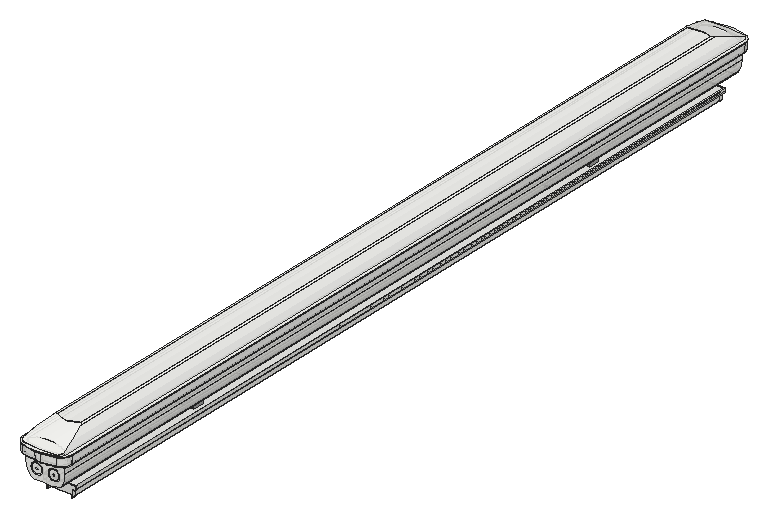
Revit family "Zumtobel TECTON 2 continuous row element AMPHIBIA", category Lighting Fixtures, host Face, Revit 2023
Family settings
  Host = Face
  Round Connector Dimension = Use Diameter
  Part Type = Normal
  Cut with Voids When Loaded = No
  Light Source = Yes
  Maintain Annotation Orientation = No
  Shared = No
  Room Calculation Point = Yes
Parameters (values of type "AMP L 4600-840 PC WB EVG TEC2")
  Wattage = 27.963 W
  built-in parameter 1150110 = 1 (stored number, unit not read)
  URL = "https://www.zumtobel.com/42956260"
  Type Image = ZS_AMP_F_AMPHIBIA_TECTON-II_WH.jpg
  Type IFC Predefined Type = "DIRECTIONSOURCE"
  Type Housing S = Zumtobel-Parts-AMPHIBIA-Housing : S-1100
  Type Housing L = Zumtobel-Parts-AMPHIBIA-Housing : L-1600
  Type Housing = if(Housing S, Type Housing S, if(Housing L, Type Housing L, Type Housing S))  # Zumtobel-Parts-AMPHIBIA-Housing : L-1600
  Type Adapter = Zumtobel-Parts-TECTON 2-Adapter : White
  built-in parameter 1114217 = 1 (stored number, unit not read)
  Tilt Angle = -90.00°  # constant formula
  built-in parameter 1150109 = 1 (stored number, unit not read)
  built-in parameter 1150134 = 12
  built-in parameter 1150113 = 1 (stored number, unit not read)
  Power Factor = 0.93
  Photometric Web File = "42956260_(STD_LEO).IES"
  Model = "42956260"
  Manufacturer = "Zumtobel Lighting"  # constant formula
  built-in parameter 1150105 = 360.49 (stored number, unit not read)
  Lumens = 4530 lm
  Luminaire Width = 92 mm  # constant formula
  Luminaire Length = if(Housing S, 1100 mm, if(Housing L, 1600 mm, 1100 mm))  # 1600 mm
  Luminaire Height = 105.81 mm  # constant formula
  built-in parameter 1150115 = 1 (stored number, unit not read)
  Lighting Trunking System Mark [instance] = ""
  built-in parameter 1150137 = (empty or 0)
  built-in parameter 1150139 = (empty or 0)
  built-in parameter 1150112 = 1 (stored number, unit not read)
  built-in parameter 1150114 = 1 (stored number, unit not read)
  Lamp = "LED"  # constant formula
  Include in Schedule [instance] = yes
  Housing L = yes
  Housing S = no
  built-in parameter 1150132 = 2
  built-in parameter 1150102 = (empty or 0)
  built-in parameter 1150107 = 4000 (stored number, unit not read)
  built-in parameter 1150138 = (empty or 0)
  built-in parameter 1150106 = 3.6049 (stored number, unit not read)
  Export Type to IFC As = "IfcLightFixtureType"
  Emit from Rectangle Width = Luminaire Length  # 1600 mm
  Emit from Rectangle Length = 92 mm  # constant formula
  Emit Shape Visible in Rendering = 0 > 1  # no
  built-in parameter 1150104 = 15.05 (stored number, unit not read)
  Dimming Lamp Color Temperature Shift = <None>
  Description = "Moisture-resistant luminaires"  # constant formula
  Default Elevation = 0 mm  # constant formula
  Color Filter = 16777215
  built-in parameter 1114218 = 1 (stored number, unit not read)
  built-in parameter 1150133 = 10 (stored number, unit not read)
  Assembly Code = "Pr_70_70_48_47"
  Apparent Load = Wattage / Power Factor  # 30.0677 VA
  A = Luminaire Length - 100 mm  # 1500 mm
Types (10, lengths in mm): name | Wattage | URL | Type Housing | Power Factor | Photometric Web File | Model | built-in parameter 1150105 | Lumens | Luminaire Length | Housing L | Housing S | built-in parameter 1150106 | Emit from Rectangle Width | built-in parameter 1150104 | Apparent Load | A
  AMP L 4600-840 PC WB EVG TEC2 | 27.963 W | "https://www.zumtobel.com/42956260" | Zumtobel-Parts-AMPHIBIA-Housing : L-1600 | 0.93 | "42956260_(STD_LEO).IES" | "42956260" | 360.49 (stored number, unit not read) | 4530 lm | 1600 | yes | no | 3.6049 (stored number, unit not read) | 1600 | 15.05 (stored number, unit not read) | 30.0677 VA | 1500
  AMP L 4600-840 PC WB LDO TEC2 | 28.6709 W | "https://www.zumtobel.com/42956244" | Zumtobel-Parts-AMPHIBIA-Housing : L-1600 | 0.94 | "42956244_(STD_LEO).IES" | "42956244" | 360.49 (stored number, unit not read) | 4530 lm | 1600 | yes | no | 3.6049 (stored number, unit not read) | 1600 | 14.679 (stored number, unit not read) | 30.5009 VA | 1500
  AMP L 6400-840 PC WB EVG TEC2 | 39.8726 W | "https://www.zumtobel.com/42956251" | Zumtobel-Parts-AMPHIBIA-Housing : L-1600 | 0.96 | "42956251_(STD_LEO).IES" | "42956251" | 498.15 (stored number, unit not read) | 6260 lm | 1600 | yes | no | 4.9815 (stored number, unit not read) | 1600 | 14.586 (stored number, unit not read) | 41.534 VA | 1500
  AMP L 6400-840 PC WB LDO TEC2 | 40.3871 W | "https://www.zumtobel.com/42956227" | Zumtobel-Parts-AMPHIBIA-Housing : L-1600 | 0.96 | "42956227_(STD_LEO).IES" | "42956227" | 498.15 (stored number, unit not read) | 6260 lm | 1600 | yes | no | 4.9815 (stored number, unit not read) | 1600 | 14.4 (stored number, unit not read) | 42.0699 VA | 1500
  AMP L 8000-840 PC WB LDO TEC2 | 53.6242 W | "https://www.zumtobel.com/42956243" | Zumtobel-Parts-AMPHIBIA-Housing : L-1600 | 0.98 | "42956243_(STD_LEO).IES" | "42956243" | 635.82 (stored number, unit not read) | 7990 lm | 1600 | yes | no | 6.3582 (stored number, unit not read) | 1600 | 13.843 (stored number, unit not read) | 54.7185 VA | 1500
  AMP L BAS 4600-840 PC WB EVG TEC2 | 27.8395 W | "https://www.zumtobel.com/42956249" | Zumtobel-Parts-AMPHIBIA-Housing : L-1600 | 0.93 | "42956249_(STD_LEO).IES" | "42956249" | 358.89 (stored number, unit not read) | 4510 lm | 1600 | yes | no | 3.5889 (stored number, unit not read) | 1600 | 15.05 (stored number, unit not read) | 29.935 VA | 1500
  AMP L BAS 4600-840 PC WB LDO TEC2 | 28.5443 W | "https://www.zumtobel.com/42956248" | Zumtobel-Parts-AMPHIBIA-Housing : L-1600 | 0.94 | "42956248_(STD_LEO).IES" | "42956248" | 358.89 (stored number, unit not read) | 4510 lm | 1600 | yes | no | 3.5889 (stored number, unit not read) | 1600 | 14.679 (stored number, unit not read) | 30.3663 VA | 1500
  AMP L BAS 6400-840 PC WB LDO TEC2 | 40.4545 W | "https://www.zumtobel.com/42956246" | Zumtobel-Parts-AMPHIBIA-Housing : L-1600 | 0.97 | "42956246_(STD_LEO).IES" | "42956246" | 495.77 (stored number, unit not read) | 6230 lm | 1600 | yes | no | 4.9577 (stored number, unit not read) | 1600 | 14.307 (stored number, unit not read) | 41.7057 VA | 1500
  AMP L LT 10000-840 PC WB IVG TEC2 | 67.8523 W | "https://www.zumtobel.com/42956250" | Zumtobel-Parts-AMPHIBIA-Housing : L-1600 | 0.97 | "42956250_(STD_LEO).IES" | "42956250" | 804.53 (stored number, unit not read) | 10110 lm | 1600 | yes | no | 8.0453 (stored number, unit not read) | 1600 | 13.843 (stored number, unit not read) | 69.9509 VA | 1500
  AMP S 4600-840 PC WB LDO TEC2 | 31.4765 W | "https://www.zumtobel.com/42956247" | Zumtobel-Parts-AMPHIBIA-Housing : S-1100 | 0.95 | "42956247_(STD_LEO).IES" | "42956247" | 373.22 (stored number, unit not read) | 4690 lm | 1100 | no | yes | 3.7322 (stored number, unit not read) | 1100 | 13.843 (stored number, unit not read) | 33.1332 VA | 1000
Reference planes
  plane 1 "Center (Front/Back)": y = 0
  plane 2: z = 0
  plane 3 "Center (Left/Right)": x = 0
  plane 4: x = -46
  plane 5: x = 46
  plane 6: y = 800
  plane 7: y = -800
  plane 8: z = 105.81
  plane 9: z = 13.808
Lines and regions (mm)
  Filled region 1, type "White"
    outline origin (0, 0, 0) x (1, 0, 0) y (0, 1, 0)
      loop
        line (-46, 754) -> (-46, -754)
        arc (-46, -754) -> (0, -800) -> (46, -754) r 46
        line (46, -754) -> (46, 754)
        arc (46, 754) -> (0, 800) -> (-46, 754) r 46
  model lines, style "InvisibleLines"
    curve 1: line (-250, 800, 0) -> (250, 800, 0)
    curve 2: line (-250, -800, 0) -> (250, -800, 0)
Dimensions and locks
  equal spacing: plane 4, plane 3 "Center (Left/Right)", plane 5
  "Luminaire Width": plane 4 to plane 5
  equal spacing: plane 7, plane 1 "Center (Front/Back)", plane 6
  "Luminaire Length": plane 7 to plane 6
  "Luminaire Height": plane 8 to level
  aligned and locked: plane 2 to host face
  aligned and locked: level to host face
  aligned and locked: plane 8 to imposter light
  aligned and locked: plane 9 to nested 2
  aligned and locked: plane 9 to nested 1
  aligned and locked: plane 1 "Center (Front/Back)" to nested 1
  aligned and locked: plane 3 "Center (Left/Right)" to nested 1
  aligned and locked: plane 7 to curve 2
  aligned and locked: curve 1 to plane 6
  aligned and locked: Filled region 1 sketch curve to plane 5
  aligned and locked: Filled region 1 sketch curve to plane 4
Automatic sketch dimensions
  host sketch curve to host sketch curve = 2438.4 mm  (x2)
  curve 2 to plane 4 = 204 mm
  curve 1 to plane 4 = 204 mm
  curve 2 to plane 5 = 204 mm
  curve 1 to plane 5 = 204 mm
  Filled region 1 sketch curve to plane 7 = 46 mm
  Filled region 1 sketch curve to plane 6 = 46 mm
Nested families
  nested 1: "Zumtobel-Parts-AMPHIBIA-Housing" at (0, 0, 15.808) x (0, -1, 0) z (0, 0, -1), type <- "Type Housing", type "L-1600"
  nested 2: "Zumtobel-Parts-TECTON 2-Adapter" at (0, 0, 0) x (0, -1, 0) z (0, 0, -1), type <- "Type Adapter", A <- "A", type "White"
    with A 1500 mm
Connectors
  electrical at (0, 0, 0), driven by "Apparent Load", driven by "Power Factor"
    settings: index 1, voltage 220 V, apparent load 30.0677 VA, apparent load phase1 0 VA, apparent load phase2 0 VA, apparent load phase3 0 VA, power factor 0.93, load classification "Lighting", number of poles 1, system type 30, power factor state 1, is connector primary yes, connector utility no, sub classification motor no, connector description ""
Definition of nested family "Zumtobel-Parts-AMPHIBIA-Housing"
  Parameters (values of type "S-1100")
    Material Housing = none
    Material Cover = none
    Manufacturer = "Zumtobel Lighting"  # constant formula
    E = 713 mm
    Default Elevation = 0 mm  # constant formula
    D = 906 mm
    B = 92 mm  # constant formula
    A = 1100 mm
  Types (2, lengths in mm): name | E | D | A
    S-1100 | 713 | 906 | 1100
    L-1600 | 707 | 1120 | 1600
  Reference planes
    plane 1 "Center (Front/Back)": y = 0
    plane 2: z = 0
    plane 3 "Center (Left/Right)": x = 0
    plane 4: z = -90
    plane 5: z = -16
    plane 6: z = -28
    plane 7: x = -540
    plane 8: x = 540
    plane 9 "Left": x = -550
    plane 10 "Right": x = 550
    plane 11 "1": z = -43.484
    plane 12 "2": z = -46.899
    plane 13: y = 46
    plane 14: y = -46
    plane 15: x = -453
    plane 16: x = 453
    plane 17: x = -356.5
    plane 18: x = 356.5
    plane 19: x = -526.824
    plane 20: x = 526.824
    plane 21: x = -526.824
    plane 22: x = 526.824
    plane 23 "Left Fixing": x = -404.75
    plane 24 "Right Fixing": x = 404.75
    plane 25: x = -525.804
    plane 26: y = 26
    plane 27: y = -26
    plane 28: x = 525.804
  Forms (mm)
    Extrusion 1, solid, material <- "Material Housing"
      sketch origin (0, 0, 0) x (0, 1, 0) y (0, 0, 1)
        loop
          line (10.809, -4) -> (0, -4) -> (-10.809, -4)
          arc (-10.809, -4) -> (-15.687, -4.175) -> (-20.54, -4.7) r 68.038
          arc (-20.54, -4.7) -> (-26.999, -7.385) -> (-31.374, -12.843) r 14.109
          arc (-31.374, -12.843) -> (-34.683, -22.639) -> (-35.99, -32.897) r 52.044
          line (-35.99, -32.897) -> (-36.917, -43.484)
          arc (-36.917, -43.484) -> (-37.433, -45.345) -> (-38.582, -46.899) r 5.301
          line (-38.582, -46.899) -> (0, -46.899) -> (38.582, -46.899)
          arc (38.582, -46.899) -> (37.433, -45.345) -> (36.917, -43.484) r 5.301
          line (36.917, -43.484) -> (35.99, -32.897)
          arc (35.99, -32.897) -> (34.683, -22.639) -> (31.374, -12.843) r 52.044
          arc (31.374, -12.843) -> (26.999, -7.385) -> (20.54, -4.7) r 14.109
          arc (20.54, -4.7) -> (15.687, -4.175) -> (10.809, -4) r 68.038
      from -540 to 540
    Extrusion 2, void
      sketch origin (0, 0, 0) x (1, 0, 0) y (0, 0, 1)
        loop
          line (-550, -46.899) -> (-550, -95) -> (-475.507, -95) -> (-475.507, -90.488)
          arc (-475.507, -90.488) -> (-513.208, -83.596) -> (-547.303, -66.09) r 131.044
          line (-547.303, -66.09) -> (-547.303, -46.899) -> (-550, -46.899)
        loop
          line (550, -46.899) -> (547.303, -46.899) -> (547.303, -66.09)
          arc (547.303, -66.09) -> (513.208, -83.596) -> (475.507, -90.488) r 131.044
          line (475.507, -90.488) -> (475.507, -95) -> (550, -95) -> (550, -46.899)
      from -57.816 to 57.735
    Extrusion 3, void
      sketch origin (0, 0, 0) x (1, 0, 0) y (0, 0, 1)
        loop
          line (-532.907, -43.484) -> (-530.629, 0) -> (-550, 0) -> (-550, -46.899) -> (-535.575, -46.899)
          arc (-535.575, -46.899) -> (-533.784, -45.549) -> (-532.907, -43.484) r 4.333
      from -62.368 to 64.177
    Extrusion 4, void
      sketch origin (0, 0, 0) x (-1, 0, 0) y (0, 0, -1)
        loop
          arc (-532.907, 43.484) -> (-533.784, 45.549) -> (-535.575, 46.899) r 4.333
          line (-535.575, 46.899) -> (-550, 46.899) -> (-550, 0) -> (-530.629, 0) -> (-532.907, 43.484)
      from -62.368 to 64.177
    Extrusion 5, solid, material <- "Material Cover"
      sketch origin (0, 0, 0) x (1, 0, 0) y (0, 1, 0)
        loop
          arc (-546.872, 0.018) -> (-545.963, -15.603) -> (-543.093, -30.984) r 123.879
          arc (-543.093, -30.984) -> (-536.6, -39.263) -> (-526.717, -42.871) r 19.181
          line (-526.717, -42.871) -> (526.717, -42.871)
          arc (526.717, -42.871) -> (536.6, -39.263) -> (543.093, -30.984) r 19.181
          arc (543.093, -30.984) -> (545.963, -15.603) -> (546.872, 0.018) r 123.879
          arc (546.872, 0.018) -> (545.828, 16.062) -> (542.716, 31.836) r 123.879
          arc (542.716, 31.836) -> (536.21, 39.533) -> (526.7, 42.871) r 19.188
          line (526.7, 42.871) -> (-526.7, 42.871)
          arc (-526.7, 42.871) -> (-536.21, 39.533) -> (-542.716, 31.836) r 19.188
          arc (-542.716, 31.836) -> (-545.828, 16.062) -> (-546.872, 0.018) r 123.879
      from -92.844 to -66.399
    Extrusion 6, void
      sketch origin (0, 0, 0) x (0, 1, 0) y (0, 0, 1)
        loop
          arc (26.441, -88.277) -> (24.277, -89.685) -> (21.71, -89.951) r 5.503
          arc (21.71, -89.951) -> (-0.003, -88.499) -> (-21.716, -89.952) r 163.058
          arc (-21.716, -89.952) -> (-24.28, -89.684) -> (-26.441, -88.277) r 5.503
          arc (-26.441, -88.277) -> (-34.277, -78.037) -> (-39.827, -66.399) r 62.028
          line (-39.827, -66.399) -> (-46, -66.399) -> (-46, -95.625) -> (46, -95.625) -> (46, -66.399) -> (39.827, -66.399)
          arc (39.827, -66.399) -> (34.277, -78.037) -> (26.441, -88.277) r 62.028
      from -550 to 550
    Extrusion 7, solid, material <- "Material Housing"
      sketch origin (0, 0, 0) x (0, 1, 0) y (0, 0, 1)
        loop
          arc (20.54, -4.7) -> (21.589, -4.892) -> (22.62, -5.163) r 14.109
          line (22.62, -5.163) -> (20.991, -3) -> (19.237, -3) -> (19.237, -2) -> (20.237, -2) -> (18.73, 0) -> (14.73, 0) -> (11.711, -4.006)
          arc (11.711, -4.006) -> (16.137, -4.209) -> (20.54, -4.7) r 68.038
        loop
          arc (-20.54, -4.7) -> (-16.137, -4.209) -> (-11.711, -4.006) r 68.038
          line (-11.711, -4.006) -> (-14.73, 0) -> (-18.73, 0) -> (-20.237, -2) -> (-19.237, -2) -> (-19.237, -3) -> (-20.991, -3) -> (-22.62, -5.163)
          arc (-22.62, -5.163) -> (-21.589, -4.892) -> (-20.54, -4.7) r 14.109
      from -453 to -356.5
    Extrusion 8, solid, material <- "Material Housing"
      sketch origin (809.5, 0, 0) x (0, 1, 0) y (0, 0, 1)
        loop
          arc (20.54, -4.7) -> (21.589, -4.892) -> (22.62, -5.163) r 14.109
          line (22.62, -5.163) -> (20.991, -3) -> (19.237, -3) -> (19.237, -2) -> (20.237, -2) -> (18.73, 0) -> (14.73, 0) -> (11.711, -4.006)
          arc (11.711, -4.006) -> (16.137, -4.209) -> (20.54, -4.7) r 68.038
        loop
          arc (-20.54, -4.7) -> (-16.137, -4.209) -> (-11.711, -4.006) r 68.038
          line (-11.711, -4.006) -> (-14.73, 0) -> (-18.73, 0) -> (-20.237, -2) -> (-19.237, -2) -> (-19.237, -3) -> (-20.991, -3) -> (-22.62, -5.163)
          arc (-22.62, -5.163) -> (-21.589, -4.892) -> (-20.54, -4.7) r 14.109
      from -453 to -356.5
    Sweep 9, solid, material <- "Material Housing"
      path origin (-641.907, 0, -46.899) x (-1, 0, 0) y (0, -1, 0)
        loop
          arc (-115.082, -46) -> (-103.408, -41.746) -> (-95.818, -31.909) r 22.317
          arc (-95.818, -31.909) -> (-92.89, -18.606) -> (-91.907, -5.02) r 94.382
          line (-91.907, -5.02) -> (-91.907, 5.02)
          arc (-91.907, 5.02) -> (-92.892, 18.62) -> (-95.826, 31.935) r 94.382
          arc (-95.826, 31.935) -> (-103.417, 41.756) -> (-115.082, 46) r 22.31
          line (-115.082, 46) -> (-1168.731, 46)
          arc (-1168.731, 46) -> (-1180.396, 41.756) -> (-1187.988, 31.935) r 22.31
          arc (-1187.988, 31.935) -> (-1190.922, 18.62) -> (-1191.907, 5.02) r 94.382
          line (-1191.907, 5.02) -> (-1191.907, -5.02)
          arc (-1191.907, -5.02) -> (-1190.924, -18.606) -> (-1187.996, -31.909) r 94.382
          arc (-1187.996, -31.909) -> (-1180.406, -41.746) -> (-1168.731, -46) r 22.317
          line (-1168.731, -46) -> (-115.082, -46)
      profile origin (0, 46, -46.899) x (0, 1, 0) y (0, 0, 1)
        loop
          line (-3.849, 0) -> (-20, 0) -> (-20, -4.375) -> (-4.091, -4.375) -> (-3.129, -16.5) -> (-10, -16.5) -> (-10, -18) -> (0, -18) -> (-1.206, -2.814)
          arc (-1.206, -2.814) -> (-2.034, -0.943) -> (-3.849, 0) r 3.089
    Sweep 10, solid, material <- "Material Cover"
      path origin (-641.907, 0, -46.899) x (-1, 0, 0) y (0, -1, 0)
        loop
          arc (-115.082, -46) -> (-103.408, -41.746) -> (-95.818, -31.909) r 22.317
          arc (-95.818, -31.909) -> (-92.89, -18.606) -> (-91.907, -5.02) r 94.382
          line (-91.907, -5.02) -> (-91.907, 5.02)
          arc (-91.907, 5.02) -> (-92.892, 18.62) -> (-95.826, 31.935) r 94.382
          arc (-95.826, 31.935) -> (-103.417, 41.756) -> (-115.082, 46) r 22.31
          line (-115.082, 46) -> (-1168.731, 46)
          arc (-1168.731, 46) -> (-1180.396, 41.756) -> (-1187.988, 31.935) r 22.31
          arc (-1187.988, 31.935) -> (-1190.922, 18.62) -> (-1191.907, 5.02) r 94.382
          line (-1191.907, 5.02) -> (-1191.907, -5.02)
          arc (-1191.907, -5.02) -> (-1190.924, -18.606) -> (-1187.996, -31.909) r 94.382
          arc (-1187.996, -31.909) -> (-1180.406, -41.746) -> (-1168.731, -46) r 22.317
          line (-1168.731, -46) -> (-115.082, -46)
      profile origin (0, 46, -46.899) x (0, 1, 0) y (0, 0, 1)
        loop
          line (0, -19.5) -> (0, -18) -> (-10, -18) -> (-10, -19.5) -> (0, -19.5)
    Extrusion 11, void
      sketch origin (550, 0, 0) x (0, 0, 1) y (0, 1, 0)
        loop
          circle (-24.566, 15.727) r 11
        loop
          circle (-24.566, 15.727) r 9
        loop
          circle (-24.566, 15.727) r 2
        loop
          circle (-24.566, -15.727) r 11
        loop
          circle (-24.566, -15.727) r 9
        loop
          circle (-24.566, -15.727) r 2
      from 17 to 19
    Extrusion 12, void
      sketch origin (-550, 0, 0) x (0, 0, 1) y (0, -1, 0)
        loop
          circle (-24.566, -15.727) r 11
        loop
          circle (-24.566, -15.727) r 9
        loop
          circle (-24.566, -15.727) r 2
        loop
          circle (-24.566, 15.727) r 11
        loop
          circle (-24.566, 15.727) r 9
        loop
          circle (-24.566, 15.727) r 2
      from 17 to 19
    Extrusion 13, solid, detail levels fine
      sketch origin (-404.75, 0, 0) x (0, -1, 0) y (0, 0, 1)
        loop
          line (-19.237, -2) -> (-20.518, -2) -> (-20.518, 1) -> (0, 1) -> (20.518, 1) -> (20.518, -2) -> (19.237, -2) -> (19.237, -3) -> (21.518, -3) -> (21.518, 2) -> (0, 2) -> (-21.518, 2) -> (-21.518, -3) -> (-19.237, -3) -> (-19.237, -2)
      from -10 to 10
    Extrusion 14, solid, detail levels fine
      sketch origin (404.75, 0, 0) x (0, -1, 0) y (0, 0, -1)
        loop
          line (-19.237, 2) -> (-19.237, 3) -> (-21.518, 3) -> (-21.518, -2) -> (0, -2) -> (21.518, -2) -> (21.518, 3) -> (19.237, 3) -> (19.237, 2) -> (20.518, 2) -> (20.518, -1) -> (0, -1) -> (-20.518, -1) -> (-20.518, 2) -> (-19.237, 2)
      from -10 to 10
    Extrusion 15, solid, detail levels coarse+medium
      sketch origin (0, 0, 0) x (1, 0, 0) y (0, 1, 0)
        loop
          line (-453, 22.62) -> (-453, -22.62) -> (453, -22.62) -> (453, 22.62) -> (-453, 22.62)
      from 2 to -3
    Extrusion 16, solid
      sketch origin (0, 0, 0) x (0, 1, 0) y (0, 0, 1)
        loop
          line (36, -56.274) -> (-36, -56.274) -> (-36, -66.399)
          arc (-36, -66.399) -> (0, -75.139) -> (36, -66.399) r 78.508
          line (36, -66.399) -> (36, -56.274)
      from -525.804 to 525.804
    Extrusion 17, solid
      sketch origin (0, 0, 0) x (0, 1, 0) y (0, 0, 1)
        loop
          line (26, -51.274) -> (26, -43.484) -> (-26, -43.484) -> (-26, -51.274) -> (-36, -51.274) -> (-36, -56.274) -> (36, -56.274) -> (36, -51.274) -> (26, -51.274)
      from -525.804 to 525.804
  Cuts and joins
    Extrusion 3, Extrusion 4, Extrusion 11, Extrusion 12 cuts Extrusion 1
    Extrusion 2, Extrusion 6 cuts Extrusion 5
  Dimensions and locks
    locked: level to plane 4 at 90
    locked: level to plane 5 at 16
    locked: plane 5 to plane 6 at 12
    level to plane 11 "1" = 43.484 mm
    "A": plane 9 "Left" to plane 10 "Right"
    equal spacing: plane 9 "Left", plane 3 "Center (Left/Right)", plane 10 "Right"
    equal spacing: plane 14, plane 1 "Center (Front/Back)", plane 13
    "B": plane 14 to plane 13
    locked: plane 7 to plane 9 "Left" at 10
    locked: plane 8 to plane 10 "Right" at 10
    plane 10 "Right" to plane 9 "Left" = 1100 mm
    equal spacing: plane 15, plane 3 "Center (Left/Right)", plane 16
    "D": plane 15 to plane 16
    equal spacing: plane 17, plane 3 "Center (Left/Right)", plane 18
    "E": plane 17 to plane 18
    locked: Extrusion 2 sketch curve to plane 9 "Left" at 74.493
    locked: Extrusion 2 sketch curve to plane 10 "Right" at 74.493
    locked: plane 9 "Left" to plane 19 at 23.176
    locked: plane 20 to plane 10 "Right" at 23.176
    locked: plane 22 to plane 10 "Right" at 23.176
    locked: plane 9 "Left" to plane 21 at 23.176
    equal spacing: plane 15, plane 23 "Left Fixing", plane 17
    equal spacing: plane 16, plane 24 "Right Fixing", plane 18
    locked: plane 9 "Left" to plane 25 at 24.196
    locked: plane 10 "Right" to plane 28 at 24.196
    aligned and locked: level to plane 2
    aligned and locked: plane 7 to Extrusion 1
    aligned and locked: plane 8 to Extrusion 1
    aligned and locked: Extrusion 3 sketch curve to plane 9 "Left"
    aligned and locked: Extrusion 2 sketch curve to plane 9 "Left"
    aligned and locked: plane 10 "Right" to Extrusion 4 sketch curve
    aligned and locked: Extrusion 6 to plane 10 "Right"
    aligned and locked: plane 12 "2" to Extrusion 2 sketch curve
    aligned and locked: Extrusion 6 to plane 9 "Left"
    aligned and locked: plane 15 to Extrusion 7
    aligned and locked: Extrusion 7 to plane 17
    aligned and locked: Extrusion 8 to plane 18
    aligned and locked: plane 16 to Extrusion 8
    aligned and locked: plane 10 "Right" to Extrusion 2 sketch curve
    aligned and locked: Sweep 9 sketch curve to plane 9 "Left"
    aligned and locked: plane 19 to Sweep 9 sketch curve  (x2)
    aligned and locked: Sweep 9 sketch curve to Sweep 9 sketch curve
    aligned and locked: plane 20 to Sweep 9 sketch curve
    aligned and locked: plane 21 to Sweep 10 sketch curve  (x2)
    aligned and locked: Sweep 10 sketch curve to Sweep 10 sketch curve
    aligned and locked: plane 22 to Sweep 10 sketch curve
    aligned and locked: Sweep 10 sketch curve to plane 9 "Left"
    aligned and locked: plane 10 "Right" to Sweep 10 sketch curve
    aligned and locked: Extrusion 15 sketch curve to plane 15
    aligned and locked: Extrusion 15 sketch curve to plane 16
    aligned and locked: Extrusion 16 to plane 28
    aligned and locked: Extrusion 16 to plane 25
    aligned and locked: Extrusion 17 to plane 28
    aligned and locked: Extrusion 17 to plane 25
  Automatic sketch dimensions
    Extrusion 7 sketch curve to level = 0 mm  (x2)
    Extrusion 7 sketch curve to level = 5.163 mm  (x2)
    Extrusion 7 sketch curve to level = 3 mm  (x2)
    Extrusion 7 sketch curve to Extrusion 7 sketch curve = 1.63 mm  (x2)
    Extrusion 7 sketch curve to level = 2 mm
    Extrusion 7 sketch curve to Extrusion 7 sketch curve = 0.754 mm  (x2)
    Extrusion 7 sketch curve to Extrusion 7 sketch curve = 1 mm  (x3)
    Extrusion 7 sketch curve to Extrusion 7 sketch curve = 0.507 mm  (x2)
    Extrusion 7 sketch curve to plane 5 = 2.663 mm  (x2)
    Extrusion 7 sketch curve to Extrusion 7 sketch curve = 4.098 mm  (x2)
    Extrusion 7 sketch curve to Extrusion 7 sketch curve = 4 mm  (x2)
    Extrusion 7 sketch curve to level = 4.006 mm  (x2)
    plane 1 "Center (Front/Back)" to Extrusion 7 sketch curve = 10.809 mm
    Extrusion 7 sketch curve to plane 1 "Center (Front/Back)" = 10.809 mm
    plane 4 to Extrusion 7 sketch curve = 17.962 mm
    Extrusion 8 sketch curve to level = 0 mm  (x2)
    Extrusion 8 sketch curve to level = 5.163 mm  (x2)
    Extrusion 8 sketch curve to Extrusion 8 sketch curve = 1.63 mm  (x2)
    Extrusion 8 sketch curve to Extrusion 8 sketch curve = 0.754 mm  (x2)
    Extrusion 8 sketch curve to Extrusion 8 sketch curve = 1 mm  (x4)
    Extrusion 8 sketch curve to Extrusion 8 sketch curve = 0.507 mm  (x2)
    Extrusion 8 sketch curve to plane 5 = 2.663 mm  (x2)
    Extrusion 8 sketch curve to Extrusion 8 sketch curve = 4.098 mm  (x2)
    Extrusion 8 sketch curve to Extrusion 8 sketch curve = 4 mm  (x2)
    plane 1 "Center (Front/Back)" to Extrusion 8 sketch curve = 10.809 mm
    Extrusion 8 sketch curve to plane 1 "Center (Front/Back)" = 10.809 mm
    Extrusion 8 sketch curve to level = 2 mm
    plane 4 to Extrusion 8 sketch curve = 17.962 mm
    Extrusion 8 sketch curve to Extrusion 8 sketch curve = 1.7 mm  (x2)
    Extrusion 11 sketch curve to Extrusion 11 sketch curve = 0 mm  (x12)
    Extrusion 11 sketch curve to plane 6 = 3.434 mm  (x2)
    plane 1 "Center (Front/Back)" to Extrusion 11 sketch curve = 15.727 mm
    Extrusion 11 sketch curve to plane 1 "Center (Front/Back)" = 15.727 mm
    Extrusion 12 sketch curve to Extrusion 12 sketch curve = 0 mm  (x12)
    plane 6 to Extrusion 12 sketch curve = 3.434 mm  (x2)
    Extrusion 12 sketch curve to plane 1 "Center (Front/Back)" = 15.727 mm
    plane 1 "Center (Front/Back)" to Extrusion 12 sketch curve = 15.727 mm
    Extrusion 7 sketch curve to Extrusion 7 sketch curve = 3.019 mm  (x2)
    Extrusion 7 sketch curve to plane 1 "Center (Front/Back)" = 11.711 mm
    Extrusion 7 sketch curve to Extrusion 7 sketch curve = 0 mm  (x2)
    Extrusion 8 sketch curve to Extrusion 8 sketch curve = 3.019 mm  (x2)
    Extrusion 8 sketch curve to level = 4.006 mm  (x2)
    Extrusion 8 sketch curve to plane 1 "Center (Front/Back)" = 11.711 mm
    Extrusion 8 sketch curve to Extrusion 8 sketch curve = 0 mm
    Extrusion 13 sketch curve to plane 1 "Center (Front/Back)" = 0 mm  (x2)
    Extrusion 13 sketch curve to level = 2 mm
    Extrusion 13 sketch curve to plane 1 "Center (Front/Back)" = 19.237 mm
    level to Extrusion 13 sketch curve = 1 mm
    Extrusion 13 sketch curve to Extrusion 13 sketch curve = 1.281 mm  (x2)
    Extrusion 13 sketch curve to Extrusion 13 sketch curve = 1 mm  (x5)
    Extrusion 13 sketch curve to level = 3 mm
    plane 1 "Center (Front/Back)" to Extrusion 13 sketch curve = 19.237 mm
    Extrusion 14 sketch curve to plane 1 "Center (Front/Back)" = 0 mm  (x2)
    level to Extrusion 14 sketch curve = 2 mm
    plane 1 "Center (Front/Back)" to Extrusion 14 sketch curve = 19.237 mm
    Extrusion 14 sketch curve to level = 1 mm
    Extrusion 14 sketch curve to Extrusion 14 sketch curve = 1.281 mm  (x2)
    Extrusion 14 sketch curve to Extrusion 14 sketch curve = 1 mm  (x5)
    level to Extrusion 14 sketch curve = 3 mm
    Extrusion 14 sketch curve to plane 1 "Center (Front/Back)" = 19.237 mm
    plane 1 "Center (Front/Back)" to Extrusion 15 sketch curve = 22.62 mm
    Extrusion 15 sketch curve to plane 1 "Center (Front/Back)" = 22.62 mm
    Extrusion 1 sketch curve to plane 12 "2" = 0 mm
    Extrusion 1 sketch curve to plane 11 "1" = 0 mm  (x2)
    Extrusion 1 sketch curve to plane 1 "Center (Front/Back)" = 0 mm  (x2)
    plane 1 "Center (Front/Back)" to Extrusion 1 sketch curve = 10.809 mm
    Extrusion 1 sketch curve to plane 27 = 9.966 mm
    Extrusion 1 sketch curve to plane 5 = 2.663 mm  (x2)
    Extrusion 1 sketch curve to plane 27 = 7.478 mm
    Extrusion 1 sketch curve to plane 6 = 4.897 mm  (x2)
    plane 27 to Extrusion 1 sketch curve = 9.99 mm
    Extrusion 1 sketch curve to plane 14 = 9.083 mm
    Extrusion 1 sketch curve to Extrusion 1 sketch curve = 1.666 mm  (x2)
    plane 11 "1" to Extrusion 1 sketch curve = 0.462 mm  (x2)
    Extrusion 1 sketch curve to plane 1 "Center (Front/Back)" = 10.809 mm
    Extrusion 1 sketch curve to plane 26 = 9.966 mm
    Extrusion 1 sketch curve to plane 26 = 7.478 mm
    plane 26 to Extrusion 1 sketch curve = 9.99 mm
    Extrusion 1 sketch curve to plane 13 = 9.083 mm
    plane 4 to Extrusion 1 sketch curve = 17.962 mm  (x2)
    Extrusion 1 sketch curve to plane 6 = 6.313 mm  (x2)
    Extrusion 1 sketch curve to level = 4 mm
    Extrusion 1 sketch curve to Extrusion 1 sketch curve = 0 mm  (x2)
    Extrusion 2 sketch curve to plane 12 "2" = 0 mm
    plane 9 "Left" to Extrusion 2 sketch curve = 2.697 mm
    plane 15 to Extrusion 2 sketch curve = 18.044 mm
    plane 16 to Extrusion 2 sketch curve = 18.044 mm
    plane 10 "Right" to Extrusion 2 sketch curve = 2.697 mm
    Extrusion 2 sketch curve to plane 12 "2" = 19.192 mm  (x2)
    Extrusion 2 sketch curve to Extrusion 2 sketch curve = 24.398 mm  (x2)
    Extrusion 2 sketch curve to plane 4 = 5 mm  (x2)
    Extrusion 3 sketch curve to plane 12 "2" = 0 mm
    Extrusion 3 sketch curve to plane 11 "1" = 0 mm
    Extrusion 3 sketch curve to level = 0 mm
    plane 11 "1" to Extrusion 3 sketch curve = 0.603 mm
    Extrusion 3 sketch curve to plane 7 = 2.801 mm
    Extrusion 3 sketch curve to Extrusion 3 sketch curve = 1.623 mm
    Extrusion 3 sketch curve to plane 25 = 4.824 mm
    Extrusion 4 sketch curve to plane 12 "2" = 0 mm
    Extrusion 4 sketch curve to plane 11 "1" = 0 mm
    Extrusion 4 sketch curve to level = 0 mm
    plane 11 "1" to Extrusion 4 sketch curve = 0.603 mm
    Extrusion 4 sketch curve to plane 8 = 2.801 mm
    Extrusion 4 sketch curve to Extrusion 4 sketch curve = 1.623 mm
    Extrusion 4 sketch curve to plane 28 = 4.824 mm
    Extrusion 5 sketch curve to plane 25 = 0.913 mm
    Extrusion 5 sketch curve to plane 25 = 0.896 mm
    plane 25 to Extrusion 5 sketch curve = 0.472 mm
    plane 25 to Extrusion 5 sketch curve = 0.482 mm
    plane 1 "Center (Front/Back)" to Extrusion 5 sketch curve = 0.616 mm  (x2)
    Extrusion 5 sketch curve to plane 15 = 30.006 mm
    Extrusion 5 sketch curve to plane 1 "Center (Front/Back)" = 0.018 mm  (x2)
    Extrusion 5 sketch curve to Extrusion 5 sketch curve = 0.001 mm  (x2)
    Extrusion 5 sketch curve to plane 16 = 30.007 mm
    plane 28 to Extrusion 5 sketch curve = 0.482 mm
    plane 28 to Extrusion 5 sketch curve = 0.472 mm
    Extrusion 5 sketch curve to plane 28 = 0.896 mm
    Extrusion 5 sketch curve to plane 28 = 0.913 mm
    Extrusion 5 sketch curve to plane 27 = 2.26 mm  (x2)
    Extrusion 5 sketch curve to plane 14 = 3.129 mm
    Extrusion 5 sketch curve to plane 26 = 2.267 mm  (x2)
    Extrusion 5 sketch curve to plane 13 = 3.129 mm
    plane 7 to Extrusion 5 sketch curve = 2.716 mm
    plane 8 to Extrusion 5 sketch curve = 2.716 mm
    Extrusion 6 sketch curve to plane 14 = 0 mm
    Extrusion 6 sketch curve to plane 13 = 0 mm
    Extrusion 6 sketch curve to Extrusion 6 sketch curve = 6.173 mm
    Extrusion 6 sketch curve to plane 27 = 3.558 mm
    plane 12 "2" to Extrusion 6 sketch curve = 1.232 mm  (x2)
    Extrusion 6 sketch curve to plane 27 = 7.365 mm
    plane 1 "Center (Front/Back)" to Extrusion 6 sketch curve = 0 mm
    Extrusion 6 sketch curve to plane 26 = 7.365 mm
    Extrusion 6 sketch curve to plane 26 = 3.558 mm
    Extrusion 6 sketch curve to plane 13 = 6.173 mm
    Extrusion 6 sketch curve to plane 12 "2" = 19.5 mm  (x2)
    plane 4 to Extrusion 6 sketch curve = 5.503 mm  (x2)
    Extrusion 6 sketch curve to plane 4 = 5.625 mm
    Extrusion 6 sketch curve to plane 4 = 161.557 mm
    Extrusion 6 sketch curve to Extrusion 6 sketch curve = 0 mm  (x2)
    plane 4 to Extrusion 6 sketch curve = 0.048 mm
    Sweep 9 sketch curve to plane 10 "Right" = 0 mm
    Sweep 9 sketch curve to plane 13 = 0 mm
    Sweep 9 sketch curve to plane 20 = 0 mm
    plane 14 to Sweep 9 sketch curve = 0 mm
    plane 28 to Sweep 9 sketch curve = 0.474 mm
    plane 28 to Sweep 9 sketch curve = 0.481 mm
    plane 1 "Center (Front/Back)" to Sweep 9 sketch curve = 5.02 mm  (x2)
    plane 28 to Sweep 9 sketch curve = 70.187 mm
    Sweep 9 sketch curve to plane 1 "Center (Front/Back)" = 5.02 mm  (x2)
    Sweep 9 sketch curve to Sweep 9 sketch curve = 0 mm  (x2)
    plane 25 to Sweep 9 sketch curve = 70.187 mm
    plane 25 to Sweep 9 sketch curve = 0.481 mm
    plane 25 to Sweep 9 sketch curve = 0.474 mm
    Sweep 9 sketch curve to Sweep 9 sketch curve = 22.266 mm  (x2)
    Sweep 9 sketch curve to Sweep 9 sketch curve = 22.26 mm  (x2)
    Sweep 9 sketch curve to plane 12 "2" = 0 mm
    Sweep 9 sketch curve to profile plane = 0 mm
    profile plane to Sweep 9 sketch curve = 1.206 mm
    profile plane to Sweep 9 sketch curve = 3.129 mm
    profile plane to Sweep 9 sketch curve = 3.849 mm
    Sweep 9 sketch curve to Sweep 9 sketch curve = 2.885 mm
    Sweep 9 sketch curve to Sweep 9 sketch curve = 0.194 mm
    Sweep 9 sketch curve to Sweep 9 sketch curve = 6.871 mm
    Sweep 9 sketch curve to plane 12 "2" = 4.375 mm
    Sweep 9 sketch curve to Sweep 9 sketch curve = 10 mm
    Sweep 9 sketch curve to Sweep 9 sketch curve = 12.125 mm
    Sweep 9 sketch curve to Sweep 9 sketch curve = 1.5 mm
    Sweep 9 sketch curve to Sweep 9 sketch curve = 1.317 mm
    Sweep 10 sketch curve to plane 13 = 0 mm
    Sweep 10 sketch curve to plane 22 = 0 mm
    plane 14 to Sweep 10 sketch curve = 0 mm
    plane 28 to Sweep 10 sketch curve = 0.474 mm
    plane 28 to Sweep 10 sketch curve = 0.481 mm
    plane 1 "Center (Front/Back)" to Sweep 10 sketch curve = 5.02 mm  (x2)
    plane 28 to Sweep 10 sketch curve = 70.187 mm
    Sweep 10 sketch curve to plane 1 "Center (Front/Back)" = 5.02 mm  (x2)
    Sweep 10 sketch curve to Sweep 10 sketch curve = 0 mm  (x2)
    plane 25 to Sweep 10 sketch curve = 70.187 mm
    plane 25 to Sweep 10 sketch curve = 0.481 mm
    plane 25 to Sweep 10 sketch curve = 0.474 mm
    Sweep 10 sketch curve to Sweep 10 sketch curve = 22.266 mm  (x2)
    Sweep 10 sketch curve to Sweep 10 sketch curve = 22.26 mm  (x2)
    Sweep 10 sketch curve to profile plane = 0 mm
    Sweep 10 sketch curve to Sweep 10 sketch curve = 10 mm
    Sweep 10 sketch curve to plane 12 "2" = 19.5 mm
    Sweep 10 sketch curve to Sweep 10 sketch curve = 1.5 mm
    Extrusion 16 sketch curve to plane 1 "Center (Front/Back)" = 0 mm
    Extrusion 16 sketch curve to plane 12 "2" = 9.375 mm
    Extrusion 16 sketch curve to plane 13 = 10 mm
    level to Extrusion 16 sketch curve = 3.369 mm
    Extrusion 16 sketch curve to plane 14 = 10 mm
    Extrusion 16 sketch curve to Extrusion 16 sketch curve = 10.125 mm
    Extrusion 17 sketch curve to plane 27 = 0 mm
    Extrusion 17 sketch curve to plane 11 "1" = 0 mm
    Extrusion 17 sketch curve to plane 26 = 0 mm
    Extrusion 17 sketch curve to plane 12 "2" = 4.375 mm  (x2)
    Extrusion 17 sketch curve to plane 14 = 10 mm
    Extrusion 17 sketch curve to plane 13 = 10 mm
    Extrusion 17 sketch curve to Extrusion 17 sketch curve = 5 mm
    radius of Extrusion 11 sketch curve = 11 mm  (x2)
    radius of Extrusion 11 sketch curve = 9 mm  (x2)
    radius of Extrusion 11 sketch curve = 2 mm  (x2)
    radius of Extrusion 12 sketch curve = 11 mm  (x2)
    radius of Extrusion 12 sketch curve = 9 mm  (x2)
    radius of Extrusion 12 sketch curve = 2 mm  (x2)
Definition of nested family "Zumtobel-Parts-TECTON 2-Adapter"
  Parameters (values of type "Black")
    Material Plastic = none
    Material Housing = none
    Manufacturer = "Zumtobel Lighting"  # constant formula
    Default Elevation = 0 mm  # constant formula
    C = 60 mm  # constant formula
    B = 60 mm  # constant formula
    A [instance] = 1000 mm
  Types (2, lengths in mm): name | A
    Black | 1000
    White | 2500
  Reference planes
    plane 1 "Center (Front/Back)": y = 0
    plane 2: z = 0
    plane 3 "Center (Left/Right)": x = 0
    plane 4: x = -500
    plane 5: x = 500
    plane 6: y = 30
    plane 7: y = -30
    plane 8: z = -60
    plane 9: z = 60
    plane 10: x = -499
    plane 11: x = -495.5
    plane 12: x = 499
    plane 13: x = 495.5
  Forms (mm)
    Extrusion 1, solid, material <- "Material Housing"
      sketch origin (0, 7.257, -8.942) x (0, 1, 0) y (0, 0, 1)
        loop
          arc (16.943, 15.62) -> (15.922, 16.642) -> (14.9, 15.62) r 1.022
          line (14.9, 15.62) -> (14.9, 12.801) -> (10.329, 9.025) -> (-7.257, 9.025) -> (-24.842, 9.025) -> (-29.413, 12.801) -> (-29.413, 15.62)
          arc (-29.413, 15.62) -> (-30.435, 16.642) -> (-31.457, 15.62) r 1.022
          line (-31.457, 15.62) -> (-31.457, 3.728)
          arc (-31.457, 3.728) -> (-31.634, 3.298) -> (-32.064, 3.12) r 0.608
          line (-32.064, 3.12) -> (17.551, 3.12)
          arc (17.551, 3.12) -> (17.121, 3.298) -> (16.943, 3.728) r 0.608
          line (16.943, 3.728) -> (16.943, 15.62)
      from -495.5 to 495.5
    Extrusion 2, solid, material <- "Material Housing"
      sketch origin (0, 7.257, -8.942) x (0, 1, 0) y (0, 0, 1)
        loop
          line (-7.241, 3.12) -> (-35.357, 3.12)
          arc (-35.357, 3.12) -> (-36.7, 2.564) -> (-37.257, 1.22) r 1.9
          line (-37.257, 1.22) -> (-37.257, -3.866)
          arc (-37.257, -3.866) -> (-36.964, -4.573) -> (-36.257, -4.866) r 1
          line (-36.257, -4.866) -> (21.743, -4.866)
          arc (21.743, -4.866) -> (22.451, -4.573) -> (22.743, -3.866) r 1
          line (22.743, -3.866) -> (22.743, 1.22)
          arc (22.743, 1.22) -> (22.187, 2.564) -> (20.843, 3.12) r 1.9
          line (20.843, 3.12) -> (-7.241, 3.12)
      from -499 to 499
    Extrusion 3, solid, material <- "Material Plastic"
      sketch origin (-500, 889.358, 1200) x (0, 1, 0) y (0, 0, 1)
        loop
          arc (-860.358, -1213.808) -> (-859.651, -1213.515) -> (-859.358, -1212.808) r 1
          line (-859.358, -1212.808) -> (-859.358, -1207.722)
          arc (-859.358, -1207.722) -> (-859.915, -1206.378) -> (-861.258, -1205.822) r 1.9
          line (-861.258, -1205.822) -> (-864.551, -1205.822)
          arc (-864.551, -1205.822) -> (-864.98, -1205.644) -> (-865.158, -1205.214) r 0.608
          line (-865.158, -1205.214) -> (-865.158, -1193.322)
          arc (-865.158, -1193.322) -> (-866.18, -1192.3) -> (-867.202, -1193.322) r 1.022
          line (-867.202, -1193.322) -> (-867.202, -1196.14) -> (-868.771, -1197.437) -> (-889.358, -1197.437) -> (-909.946, -1197.437) -> (-911.515, -1196.14) -> (-911.515, -1193.322)
          arc (-911.515, -1193.322) -> (-912.537, -1192.3) -> (-913.558, -1193.322) r 1.022
          line (-913.558, -1193.322) -> (-913.558, -1205.214)
          arc (-913.558, -1205.214) -> (-913.736, -1205.644) -> (-914.166, -1205.822) r 0.608
          line (-914.166, -1205.822) -> (-917.458, -1205.822)
          arc (-917.458, -1205.822) -> (-918.802, -1206.378) -> (-919.358, -1207.722) r 1.9
          line (-919.358, -1207.722) -> (-919.358, -1212.808)
          arc (-919.358, -1212.808) -> (-919.066, -1213.515) -> (-918.358, -1213.808) r 1
          line (-918.358, -1213.808) -> (-860.358, -1213.808)
      from 0 to 1
    Extrusion 4, solid, material <- "Material Plastic"
      sketch origin (-500, 889.358, 1200) x (0, 1, 0) y (0, 0, 1)
        loop
          arc (-864.551, -1205.822) -> (-864.98, -1205.644) -> (-865.158, -1205.214) r 0.608
          line (-865.158, -1205.214) -> (-865.158, -1193.322)
          arc (-865.158, -1193.322) -> (-866.18, -1192.3) -> (-867.202, -1193.322) r 1.022
          line (-867.202, -1193.322) -> (-867.202, -1196.14) -> (-868.771, -1197.437) -> (-889.358, -1197.437) -> (-909.946, -1197.437) -> (-911.515, -1196.14) -> (-911.515, -1193.322)
          arc (-911.515, -1193.322) -> (-912.537, -1192.3) -> (-913.558, -1193.322) r 1.022
          line (-913.558, -1193.322) -> (-913.558, -1205.214)
          arc (-913.558, -1205.214) -> (-913.736, -1205.644) -> (-914.166, -1205.822) r 0.608
          line (-914.166, -1205.822) -> (-864.551, -1205.822)
      from 1 to 4.5
    Extrusion 5, solid, material <- "Material Plastic"
      sketch origin (500, 889.358, 1200) x (0, 1, 0) y (0, 0, -1)
        loop
          line (-860.358, 1213.808) -> (-918.358, 1213.808)
          arc (-918.358, 1213.808) -> (-919.066, 1213.515) -> (-919.358, 1212.808) r 1
          line (-919.358, 1212.808) -> (-919.358, 1207.722)
          arc (-919.358, 1207.722) -> (-918.802, 1206.378) -> (-917.458, 1205.822) r 1.9
          line (-917.458, 1205.822) -> (-914.166, 1205.822)
          arc (-914.166, 1205.822) -> (-913.736, 1205.644) -> (-913.558, 1205.214) r 0.608
          line (-913.558, 1205.214) -> (-913.558, 1193.322)
          arc (-913.558, 1193.322) -> (-912.537, 1192.3) -> (-911.515, 1193.322) r 1.022
          line (-911.515, 1193.322) -> (-911.515, 1196.14) -> (-909.946, 1197.437) -> (-889.358, 1197.437) -> (-868.771, 1197.437) -> (-867.202, 1196.14) -> (-867.202, 1193.322)
          arc (-867.202, 1193.322) -> (-866.18, 1192.3) -> (-865.158, 1193.322) r 1.022
          line (-865.158, 1193.322) -> (-865.158, 1205.214)
          arc (-865.158, 1205.214) -> (-864.98, 1205.644) -> (-864.551, 1205.822) r 0.608
          line (-864.551, 1205.822) -> (-861.258, 1205.822)
          arc (-861.258, 1205.822) -> (-859.915, 1206.378) -> (-859.358, 1207.722) r 1.9
          line (-859.358, 1207.722) -> (-859.358, 1212.808)
          arc (-859.358, 1212.808) -> (-859.651, 1213.515) -> (-860.358, 1213.808) r 1
      from 0 to 1
    Extrusion 6, solid, material <- "Material Plastic"
      sketch origin (500, 889.358, 1200) x (0, 1, 0) y (0, 0, -1)
        loop
          line (-864.551, 1205.822) -> (-914.166, 1205.822)
          arc (-914.166, 1205.822) -> (-913.736, 1205.644) -> (-913.558, 1205.214) r 0.608
          line (-913.558, 1205.214) -> (-913.558, 1193.322)
          arc (-913.558, 1193.322) -> (-912.537, 1192.3) -> (-911.515, 1193.322) r 1.022
          line (-911.515, 1193.322) -> (-911.515, 1196.14) -> (-909.946, 1197.437) -> (-889.358, 1197.437) -> (-868.771, 1197.437) -> (-867.202, 1196.14) -> (-867.202, 1193.322)
          arc (-867.202, 1193.322) -> (-866.18, 1192.3) -> (-865.158, 1193.322) r 1.022
          line (-865.158, 1193.322) -> (-865.158, 1205.214)
          arc (-865.158, 1205.214) -> (-864.98, 1205.644) -> (-864.551, 1205.822) r 0.608
      from 1 to 4.5
  Cuts and joins
    joined: Extrusion 5, Extrusion 6
    joined: Extrusion 3, Extrusion 4
  Dimensions and locks
    equal spacing: plane 4, plane 3 "Center (Left/Right)", plane 5
    "A": plane 4 to plane 5
    equal spacing: plane 6, plane 1 "Center (Front/Back)", plane 7
    "B": plane 6 to plane 7
    "C": plane 8 to level
    "C": plane 9 to level
    locked: plane 4 to plane 10 at 1
    locked: plane 4 to plane 11 at 4.5
    locked: plane 5 to plane 12 at 1
    locked: plane 5 to plane 13 at 4.5
    aligned and locked: level to plane 2
    aligned and locked: Extrusion 1 to plane 13
    aligned and locked: Extrusion 2 to plane 12
    aligned and locked: Extrusion 1 to plane 11
    aligned and locked: Extrusion 2 to plane 10
  Automatic sketch dimensions
    Extrusion 1 sketch curve to plane 1 "Center (Front/Back)" = 0 mm
    level to Extrusion 1 sketch curve = 0.083 mm
    plane 7 to Extrusion 1 sketch curve = 12.414 mm
    Extrusion 1 sketch curve to Extrusion 1 sketch curve = 4.571 mm  (x2)
    Extrusion 1 sketch curve to Extrusion 1 sketch curve = 1.022 mm  (x2)
    Extrusion 1 sketch curve to Extrusion 1 sketch curve = 0.608 mm  (x2)
    plane 6 to Extrusion 1 sketch curve = 12.414 mm
    Extrusion 1 sketch curve to level = 5.214 mm  (x2)
    level to Extrusion 1 sketch curve = 3.86 mm  (x2)
    Extrusion 1 sketch curve to Extrusion 1 sketch curve = 2.819 mm  (x2)
    Extrusion 1 sketch curve to Extrusion 1 sketch curve = 0 mm
    Extrusion 2 sketch curve to plane 7 = 0 mm
    Extrusion 2 sketch curve to plane 6 = 0 mm
    plane 7 to Extrusion 2 sketch curve = 1 mm
    plane 7 to Extrusion 2 sketch curve = 1.9 mm
    Extrusion 2 sketch curve to plane 1 "Center (Front/Back)" = 0.016 mm
    plane 6 to Extrusion 2 sketch curve = 1.9 mm
    plane 6 to Extrusion 2 sketch curve = 1 mm
    Extrusion 2 sketch curve to level = 13.808 mm
    Extrusion 2 sketch curve to Extrusion 2 sketch curve = 5.086 mm
    Extrusion 3 sketch curve to plane 7 = 0 mm
    Extrusion 3 sketch curve to plane 1 "Center (Front/Back)" = 0 mm
    Extrusion 3 sketch curve to plane 6 = 0 mm
    plane 7 to Extrusion 3 sketch curve = 1 mm
    Extrusion 3 sketch curve to Extrusion 3 sketch curve = 1.9 mm
    Extrusion 3 sketch curve to Extrusion 3 sketch curve = 3.292 mm
    Extrusion 3 sketch curve to Extrusion 3 sketch curve = 0.608 mm  (x2)
    Extrusion 3 sketch curve to Extrusion 3 sketch curve = 1.022 mm  (x2)
    Extrusion 3 sketch curve to Extrusion 3 sketch curve = 1.569 mm  (x2)
    level to Extrusion 3 sketch curve = 2.563 mm
    plane 6 to Extrusion 3 sketch curve = 9.413 mm
    level to Extrusion 3 sketch curve = 3.86 mm
    plane 6 to Extrusion 3 sketch curve = 1.9 mm
    plane 6 to Extrusion 3 sketch curve = 1 mm
    Extrusion 3 sketch curve to level = 5.214 mm  (x2)
    Extrusion 3 sketch curve to Extrusion 3 sketch curve = 5.086 mm
    Extrusion 3 sketch curve to Extrusion 3 sketch curve = 1.297 mm
    Extrusion 3 sketch curve to Extrusion 3 sketch curve = 2.819 mm  (x2)
    Extrusion 4 sketch curve to plane 1 "Center (Front/Back)" = 0 mm
    level to Extrusion 4 sketch curve = 2.563 mm
    plane 7 to Extrusion 4 sketch curve = 9.413 mm
    Extrusion 4 sketch curve to Extrusion 4 sketch curve = 1.569 mm  (x2)
    Extrusion 4 sketch curve to Extrusion 4 sketch curve = 1.022 mm  (x2)
    Extrusion 4 sketch curve to Extrusion 4 sketch curve = 0.608 mm  (x3)
    plane 6 to Extrusion 4 sketch curve = 9.413 mm
    Extrusion 4 sketch curve to level = 5.214 mm
    Extrusion 4 sketch curve to Extrusion 4 sketch curve = 1.297 mm  (x2)
    Extrusion 4 sketch curve to Extrusion 4 sketch curve = 2.819 mm  (x2)
    Extrusion 4 sketch curve to Extrusion 4 sketch curve = 0 mm
    Extrusion 5 sketch curve to plane 7 = 0 mm
    Extrusion 5 sketch curve to plane 1 "Center (Front/Back)" = 0 mm
    Extrusion 5 sketch curve to plane 6 = 0 mm
    Extrusion 5 sketch curve to plane 7 = 1 mm
    Extrusion 5 sketch curve to plane 7 = 1.9 mm
    Extrusion 5 sketch curve to Extrusion 5 sketch curve = 3.292 mm
    Extrusion 5 sketch curve to Extrusion 5 sketch curve = 0.608 mm  (x2)
    Extrusion 5 sketch curve to Extrusion 5 sketch curve = 1.022 mm  (x2)
    Extrusion 5 sketch curve to Extrusion 5 sketch curve = 1.569 mm  (x2)
    Extrusion 5 sketch curve to level = 2.563 mm
    Extrusion 5 sketch curve to plane 6 = 9.413 mm
    Extrusion 5 sketch curve to level = 3.86 mm
    Extrusion 5 sketch curve to plane 6 = 1.9 mm
    Extrusion 5 sketch curve to plane 6 = 1 mm
    level to Extrusion 5 sketch curve = 5.214 mm  (x2)
    Extrusion 5 sketch curve to Extrusion 5 sketch curve = 5.086 mm
    Extrusion 5 sketch curve to Extrusion 5 sketch curve = 1.297 mm
    Extrusion 5 sketch curve to Extrusion 5 sketch curve = 2.819 mm  (x2)
    Extrusion 6 sketch curve to plane 1 "Center (Front/Back)" = 0 mm
    Extrusion 6 sketch curve to level = 2.563 mm
    Extrusion 6 sketch curve to plane 7 = 9.413 mm
    Extrusion 6 sketch curve to Extrusion 6 sketch curve = 1.569 mm  (x2)
    Extrusion 6 sketch curve to Extrusion 6 sketch curve = 1.022 mm  (x2)
    Extrusion 6 sketch curve to Extrusion 6 sketch curve = 0.608 mm  (x3)
    Extrusion 6 sketch curve to plane 6 = 9.413 mm
    level to Extrusion 6 sketch curve = 5.214 mm
    Extrusion 6 sketch curve to Extrusion 6 sketch curve = 1.297 mm  (x2)
    Extrusion 6 sketch curve to Extrusion 6 sketch curve = 2.819 mm  (x2)
    Extrusion 6 sketch curve to Extrusion 6 sketch curve = 0 mm
